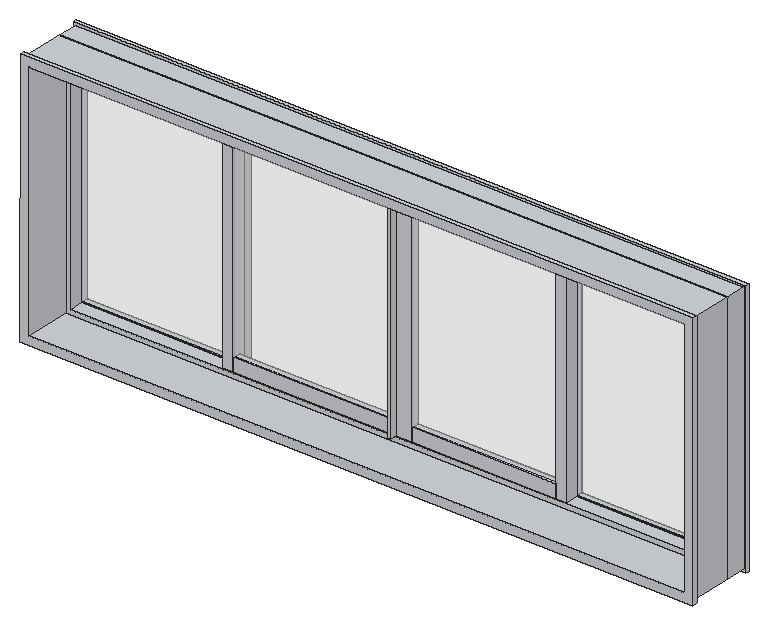
Revit family "APL Residential Thermal Heart Sliding Window FSSF", category Windows, host Wall, Revit 2017 (continued)
Definition of nested family "APL Residential Thermal Heart Sliding Window FSSF Vertical Section"
  Definition of nested family "Two Panel Sill"
    Definition of nested family "65380_Frame Sill"
      Lines and regions (mm)
        detail lines, in view "Ref. Level"
          curve 502: arc (13.593, 5.946, 0) -> (13.496, 5.987, 0) -> (13.393, 6, 0) r 0.4
          curve 503: arc (13.1, 6, 0) -> (12.817, 5.883, 0) -> (12.7, 5.6, 0) r 0.4
          curve 504: line (13.1, 1.8, 0) -> (13.393, 1.8, 0)
          curve 505: line (13.593, 1.854, 0) -> (15.121, 2.739, 0)
          curve 506: line (15.722, 2.9, 0) -> (16.645, 2.9, 0)
          curve 507: line (17.584, 3.558, 0) -> (18.377, 5.737, 0)
          curve 508: line (18.753, 6, 0) -> (21.447, 6, 0)
          curve 509: line (21.823, 5.737, 0) -> (22.616, 3.558, 0)
          curve 510: line (23.555, 2.9, 0) -> (24.478, 2.9, 0)
          curve 511: line (25.079, 2.739, 0) -> (26.607, 1.854, 0)
          curve 512: line (26.807, 1.8, 0) -> (27.1, 1.8, 0)
          curve 513: line (27.5, 2.2, 0) -> (27.5, 5.6, 0)
          curve 514: line (27.1, 6, 0) -> (26.807, 6, 0)
          curve 515: line (26.607, 5.946, 0) -> (25.079, 5.062, 0)
          curve 516: line (24.184, 5.098, 0) -> (23.296, 7.537, 0)
          curve 517: line (22.92, 7.8, 0) -> (17.28, 7.8, 0)
          curve 518: line (16.904, 7.537, 0) -> (16.016, 5.098, 0)
          curve 519: line (15.121, 5.062, 0) -> (13.593, 5.946, 0)
          curve 520: line (13.393, 6, 0) -> (13.1, 6, 0)
          curve 521: line (12.7, 5.6, 0) -> (12.7, 2.2, 0)
          curve 522: arc (12.7, 18.4, 0) -> (12.817, 18.117, 0) -> (13.1, 18, 0) r 0.4
          curve 523: arc (13.393, 18, 0) -> (13.496, 18.014, 0) -> (13.593, 18.054, 0) r 0.4
          curve 524: arc (15.121, 18.939, 0) -> (15.411, 19.059, 0) -> (15.722, 19.1, 0) r 1.2
          curve 525: arc (16.645, 19.1, 0) -> (17.218, 19.281, 0) -> (17.584, 19.758, 0) r 1
          curve 526: arc (18.377, 21.937, 0) -> (18.524, 22.128, 0) -> (18.753, 22.2, 0) r 0.4
          curve 527: arc (21.447, 22.2, 0) -> (21.676, 22.128, 0) -> (21.823, 21.937, 0) r 0.4
          curve 528: arc (22.616, 19.758, 0) -> (22.982, 19.281, 0) -> (23.555, 19.1, 0) r 1
          curve 529: arc (24.478, 19.1, 0) -> (24.789, 19.059, 0) -> (25.079, 18.939, 0) r 1.2
          curve 530: arc (26.607, 18.054, 0) -> (26.704, 18.014, 0) -> (26.807, 18, 0) r 0.4
          curve 531: arc (27.1, 18, 0) -> (27.383, 18.117, 0) -> (27.5, 18.4, 0) r 0.4
          curve 532: arc (27.5, 21.8, 0) -> (27.383, 22.083, 0) -> (27.1, 22.2, 0) r 0.4
          curve 533: arc (26.807, 22.2, 0) -> (26.704, 22.187, 0) -> (26.607, 22.146, 0) r 0.4
          curve 534: arc (25.079, 21.262, 0) -> (24.785, 21.14, 0) -> (24.47, 21.1, 0) r 1.2
          curve 535: arc (24.47, 21.1, 0) -> (24.295, 21.153, 0) -> (24.184, 21.298, 0) r 0.3
          curve 536: arc (23.296, 23.737, 0) -> (23.149, 23.928, 0) -> (22.92, 24, 0) r 0.4
          curve 537: arc (17.28, 24, 0) -> (17.051, 23.928, 0) -> (16.904, 23.737, 0) r 0.4
          curve 538: arc (16.016, 21.298, 0) -> (15.905, 21.153, 0) -> (15.73, 21.1, 0) r 0.3
          curve 539: arc (15.73, 21.1, 0) -> (15.415, 21.14, 0) -> (15.121, 21.262, 0) r 1.2
          curve 540: arc (13.593, 22.146, 0) -> (13.496, 22.187, 0) -> (13.393, 22.2, 0) r 0.4
          curve 541: arc (13.1, 22.2, 0) -> (12.817, 22.083, 0) -> (12.7, 21.8, 0) r 0.4
          curve 542: line (13.1, 18, 0) -> (13.393, 18, 0)
          curve 543: line (13.593, 18.054, 0) -> (15.121, 18.939, 0)
          curve 544: line (15.722, 19.1, 0) -> (16.645, 19.1, 0)
          curve 545: line (17.584, 19.758, 0) -> (18.377, 21.937, 0)
          curve 546: line (18.753, 22.2, 0) -> (21.447, 22.2, 0)
          curve 547: line (21.823, 21.937, 0) -> (22.616, 19.758, 0)
          curve 548: line (23.555, 19.1, 0) -> (24.478, 19.1, 0)
          curve 549: line (25.079, 18.939, 0) -> (26.607, 18.054, 0)
          curve 550: line (26.807, 18, 0) -> (27.1, 18, 0)
          curve 551: line (27.5, 18.4, 0) -> (27.5, 21.8, 0)
          curve 552: line (27.1, 22.2, 0) -> (26.807, 22.2, 0)
          curve 553: line (26.607, 22.146, 0) -> (25.079, 21.262, 0)
          curve 554: line (24.184, 21.298, 0) -> (23.296, 23.737, 0)
          curve 555: line (22.92, 24, 0) -> (17.28, 24, 0)
          curve 556: line (16.904, 23.737, 0) -> (16.016, 21.298, 0)
          curve 557: line (15.121, 21.262, 0) -> (13.593, 22.146, 0)
          curve 558: line (13.393, 22.2, 0) -> (13.1, 22.2, 0)
          curve 559: line (12.7, 21.8, 0) -> (12.7, 18.4, 0)
          curve 560: arc (70.2, 10.4, 0) -> (70.317, 10.117, 0) -> (70.6, 10, 0) r 0.4
          curve 561: arc (70.893, 10, 0) -> (70.996, 10.014, 0) -> (71.093, 10.054, 0) r 0.4
          curve 562: arc (72.621, 10.939, 0) -> (72.911, 11.059, 0) -> (73.222, 11.1, 0) r 1.2
          curve 563: arc (74.145, 11.1, 0) -> (74.718, 11.281, 0) -> (75.084, 11.758, 0) r 1
          curve 564: arc (75.877, 13.937, 0) -> (76.024, 14.128, 0) -> (76.253, 14.2, 0) r 0.4
          curve 565: arc (78.947, 14.2, 0) -> (79.176, 14.128, 0) -> (79.323, 13.937, 0) r 0.4
          curve 566: arc (80.116, 11.758, 0) -> (80.482, 11.281, 0) -> (81.055, 11.1, 0) r 1
          curve 567: arc (81.978, 11.1, 0) -> (82.289, 11.059, 0) -> (82.579, 10.939, 0) r 1.2
          curve 568: arc (84.107, 10.054, 0) -> (84.204, 10.014, 0) -> (84.307, 10, 0) r 0.4
          curve 569: arc (84.6, 10, 0) -> (84.883, 10.117, 0) -> (85, 10.4, 0) r 0.4
          curve 570: arc (85, 13.8, 0) -> (84.883, 14.083, 0) -> (84.6, 14.2, 0) r 0.4
          curve 571: arc (84.307, 14.2, 0) -> (84.204, 14.187, 0) -> (84.107, 14.146, 0) r 0.4
          curve 572: arc (82.579, 13.262, 0) -> (82.285, 13.14, 0) -> (81.97, 13.1, 0) r 1.2
          curve 573: arc (81.97, 13.1, 0) -> (81.795, 13.153, 0) -> (81.684, 13.298, 0) r 0.3
          curve 574: arc (80.796, 15.737, 0) -> (80.649, 15.928, 0) -> (80.42, 16, 0) r 0.4
          curve 575: arc (74.78, 16, 0) -> (74.551, 15.928, 0) -> (74.404, 15.737, 0) r 0.4
          curve 576: arc (73.516, 13.298, 0) -> (73.405, 13.153, 0) -> (73.23, 13.1, 0) r 0.3
          curve 577: arc (73.23, 13.1, 0) -> (72.915, 13.14, 0) -> (72.621, 13.262, 0) r 1.2
          curve 578: arc (71.093, 14.146, 0) -> (70.996, 14.187, 0) -> (70.893, 14.2, 0) r 0.4
          curve 579: arc (70.6, 14.2, 0) -> (70.317, 14.083, 0) -> (70.2, 13.8, 0) r 0.4
          curve 580: line (70.6, 10, 0) -> (70.893, 10, 0)
          curve 581: line (71.093, 10.054, 0) -> (72.621, 10.939, 0)
          curve 582: line (73.222, 11.1, 0) -> (74.145, 11.1, 0)
          curve 583: line (75.084, 11.758, 0) -> (75.877, 13.937, 0)
          curve 584: line (76.253, 14.2, 0) -> (78.947, 14.2, 0)
          curve 585: line (79.323, 13.937, 0) -> (80.116, 11.758, 0)
          curve 586: line (81.055, 11.1, 0) -> (81.978, 11.1, 0)
          curve 587: line (82.579, 10.939, 0) -> (84.107, 10.054, 0)
          curve 588: line (84.307, 10, 0) -> (84.6, 10, 0)
          curve 589: line (85, 10.4, 0) -> (85, 13.8, 0)
          curve 590: line (84.6, 14.2, 0) -> (84.307, 14.2, 0)
          curve 591: line (84.107, 14.146, 0) -> (82.579, 13.262, 0)
          curve 592: line (81.684, 13.298, 0) -> (80.796, 15.737, 0)
          curve 593: line (80.42, 16, 0) -> (74.78, 16, 0)
          curve 594: line (74.404, 15.737, 0) -> (73.516, 13.298, 0)
          curve 595: line (72.621, 13.262, 0) -> (71.093, 14.146, 0)
          curve 596: line (70.893, 14.2, 0) -> (70.6, 14.2, 0)
          curve 597: line (70.2, 13.8, 0) -> (70.2, 10.4, 0)
          curve 598: arc (70.2, 5.6, 0) -> (70.317, 5.883, 0) -> (70.6, 6, 0) r 0.4
          curve 599: arc (70.893, 6, 0) -> (70.996, 5.987, 0) -> (71.093, 5.946, 0) r 0.4
          curve 600: arc (72.621, 5.062, 0) -> (72.911, 4.941, 0) -> (73.222, 4.9, 0) r 1.2
          curve 601: arc (74.145, 4.9, 0) -> (74.718, 4.719, 0) -> (75.084, 4.242, 0) r 1
          curve 602: arc (75.877, 2.063, 0) -> (76.024, 1.873, 0) -> (76.253, 1.8, 0) r 0.4
          curve 603: arc (78.947, 1.8, 0) -> (79.176, 1.873, 0) -> (79.323, 2.063, 0) r 0.4
          curve 604: arc (80.116, 4.242, 0) -> (80.482, 4.719, 0) -> (81.055, 4.9, 0) r 1
          curve 605: arc (81.978, 4.9, 0) -> (82.289, 4.941, 0) -> (82.579, 5.062, 0) r 1.2
          curve 606: arc (84.107, 5.946, 0) -> (84.204, 5.987, 0) -> (84.307, 6, 0) r 0.4
          curve 607: arc (84.6, 6, 0) -> (84.883, 5.883, 0) -> (85, 5.6, 0) r 0.4
          curve 608: arc (85, 2.2, 0) -> (84.883, 1.917, 0) -> (84.6, 1.8, 0) r 0.4
          curve 609: arc (84.307, 1.8, 0) -> (84.204, 1.814, 0) -> (84.107, 1.854, 0) r 0.4
          curve 610: arc (82.579, 2.739, 0) -> (82.285, 2.86, 0) -> (81.97, 2.9, 0) r 1.2
          curve 611: arc (81.97, 2.9, 0) -> (81.795, 2.847, 0) -> (81.684, 2.703, 0) r 0.3
          curve 612: arc (80.796, 0.263, 0) -> (80.649, 0.073, 0) -> (80.42, 0, 0) r 0.4
          curve 613: arc (74.78, 0, 0) -> (74.551, 0.073, 0) -> (74.404, 0.263, 0) r 0.4
          curve 614: arc (73.516, 2.703, 0) -> (73.405, 2.847, 0) -> (73.23, 2.9, 0) r 0.3
          curve 615: arc (73.23, 2.9, 0) -> (72.915, 2.86, 0) -> (72.621, 2.739, 0) r 1.2
          curve 616: arc (71.093, 1.854, 0) -> (70.996, 1.814, 0) -> (70.893, 1.8, 0) r 0.4
          curve 617: arc (70.6, 1.8, 0) -> (70.317, 1.917, 0) -> (70.2, 2.2, 0) r 0.4
          curve 618: line (70.6, 6, 0) -> (70.893, 6, 0)
          curve 619: line (71.093, 5.946, 0) -> (72.621, 5.062, 0)
          curve 620: line (73.222, 4.9, 0) -> (74.145, 4.9, 0)
          curve 621: line (75.084, 4.242, 0) -> (75.877, 2.063, 0)
          curve 622: line (76.253, 1.8, 0) -> (78.947, 1.8, 0)
          curve 623: line (79.323, 2.063, 0) -> (80.116, 4.242, 0)
          curve 624: line (81.055, 4.9, 0) -> (81.978, 4.9, 0)
          curve 625: line (82.579, 5.062, 0) -> (84.107, 5.946, 0)
          curve 626: line (84.307, 6, 0) -> (84.6, 6, 0)
          curve 627: line (85, 5.6, 0) -> (85, 2.2, 0)
          curve 628: line (84.6, 1.8, 0) -> (84.307, 1.8, 0)
          curve 629: line (84.107, 1.854, 0) -> (82.579, 2.739, 0)
          curve 630: line (81.684, 2.703, 0) -> (80.796, 0.263, 0)
          curve 631: line (80.42, 0, 0) -> (74.78, 0, 0)
          curve 632: line (74.404, 0.263, 0) -> (73.516, 2.703, 0)
          curve 633: line (72.621, 2.739, 0) -> (71.093, 1.854, 0)
          curve 634: line (70.893, 1.8, 0) -> (70.6, 1.8, 0)
          curve 635: line (70.2, 2.2, 0) -> (70.2, 5.6, 0)
          curve 636: line (106.85, 34.861, 0) -> (112.6, 36.402, 0)
          curve 637: line (111.139, 36.01, 0) -> (106.85, 36.01, 0)
          curve 638: line (112.6, 36.85, 0) -> (106.85, 36.85, 0)
          curve 639: line (112.6, 37.69, 0) -> (106.85, 37.69, 0)
          curve 640: line (112.6, 38.61, 0) -> (106.85, 38.61, 0)
          curve 641: line (112.6, 39.45, 0) -> (106.85, 39.45, 0)
          curve 642: line (111.139, 40.29, 0) -> (106.85, 40.29, 0)
          curve 643: line (112.6, 39.899, 0) -> (106.85, 41.439, 0)
          curve 644: line (112.85, 34.7, 0) -> (112.85, 41.6, 0)
          curve 645: line (112.6, 41.6, 0) -> (112.6, 34.7, 0)
          curve 646: line (112.6, 34.7, 0) -> (113.1, 34.7, 0)
          curve 647: line (113.1, 34.7, 0) -> (113.1, 41.6, 0)
          curve 648: line (113.1, 41.6, 0) -> (112.6, 41.6, 0)
          curve 662: line (74.15, 34.861, 0) -> (68.4, 36.402, 0)
          curve 663: line (69.861, 36.01, 0) -> (74.15, 36.01, 0)
          curve 664: line (68.4, 36.85, 0) -> (74.15, 36.85, 0)
          curve 665: line (68.4, 37.69, 0) -> (74.15, 37.69, 0)
          curve 666: line (68.4, 38.61, 0) -> (74.15, 38.61, 0)
          curve 667: line (68.4, 39.45, 0) -> (74.15, 39.45, 0)
          curve 668: line (69.861, 40.29, 0) -> (74.15, 40.29, 0)
          curve 669: line (68.4, 39.899, 0) -> (74.15, 41.439, 0)
          curve 670: line (68.15, 34.7, 0) -> (68.15, 41.6, 0)
          curve 671: line (68.4, 41.6, 0) -> (68.4, 34.7, 0)
          curve 672: line (68.4, 34.7, 0) -> (67.9, 34.7, 0)
          curve 673: line (67.9, 34.7, 0) -> (67.9, 41.6, 0)
          curve 674: line (67.9, 41.6, 0) -> (68.4, 41.6, 0)
        detail lines, in view "Ref. Level", not visible
          curve 649: line (101.764, -41.439, 0) -> (107.514, -39.899, 0)
          curve 650: line (106.053, -40.29, 0) -> (101.764, -40.29, 0)
          curve 651: line (107.514, -39.45, 0) -> (101.764, -39.45, 0)
          curve 652: line (107.514, -38.61, 0) -> (101.764, -38.61, 0)
          curve 653: line (107.514, -37.69, 0) -> (101.764, -37.69, 0)
          curve 654: line (107.514, -36.85, 0) -> (101.764, -36.85, 0)
          curve 655: line (106.053, -36.01, 0) -> (101.764, -36.01, 0)
          curve 656: line (107.514, -36.401, 0) -> (101.764, -34.861, 0)
          curve 657: line (107.764, -41.6, 0) -> (107.764, -34.7, 0)
          curve 658: line (107.514, -34.7, 0) -> (107.514, -41.6, 0)
          curve 659: line (107.514, -41.6, 0) -> (108.014, -41.6, 0)
          curve 660: line (108.014, -41.6, 0) -> (108.014, -34.7, 0)
          curve 661: line (108.014, -34.7, 0) -> (107.514, -34.7, 0)
      Text (mm)
        text "65380" at (9.719, 46, 0), in view "Ref. Level"
    Definition of nested family "65460_Door Top And Window Rail"
      Reference planes
        plane 1 "Center (Front/Back)": y = 0
        plane 2: z = 0
        plane 3 "Center (Left/Right)": x = 0
      Lines and regions (mm)
        detail lines, in view "Ref. Level"
          curve 1: arc (20.155, 25.72, 0) -> (19.65, 25.078, 0) -> (19.29, 24.346, 0) r 3.9
          curve 2: arc (19.29, 24.346, 0) -> (19.067, 24.218, 0) -> (18.902, 24.415, 0) r 0.2
          curve 3: arc (18.902, 31.835, 0) -> (19.067, 32.032, 0) -> (19.29, 31.904, 0) r 0.2
          curve 4: arc (19.29, 31.904, 0) -> (19.65, 31.172, 0) -> (20.155, 30.53, 0) r 3.9
          curve 5: arc (20.155, 30.53, 0) -> (21.428, 30.513, 0) -> (21.445, 31.786, 0) r 0.9
          curve 6: arc (21.445, 31.786, 0) -> (20.85, 33.25, 0) -> (21.445, 34.715, 0) r 2.1
          curve 7: arc (21.445, 34.715, 0) -> (21.57, 34.877, 0) -> (21.656, 35.064, 0) r 0.9
          curve 8: arc (21.656, 35.064, 0) -> (21.753, 35.236, 0) -> (21.91, 35.358, 0) r 0.5
          curve 9: arc (21.91, 35.358, 0) -> (22.95, 35.6, 0) -> (23.99, 35.358, 0) r 2.35
          curve 10: arc (23.99, 35.358, 0) -> (24.147, 35.236, 0) -> (24.244, 35.064, 0) r 0.5
          curve 11: arc (24.244, 35.064, 0) -> (24.33, 34.877, 0) -> (24.455, 34.715, 0) r 0.9
          curve 12: arc (24.455, 34.715, 0) -> (25.05, 33.25, 0) -> (24.455, 31.786, 0) r 2.1
          curve 13: arc (24.455, 31.786, 0) -> (24.472, 30.513, 0) -> (25.745, 30.53, 0) r 0.9
          curve 14: arc (25.745, 30.53, 0) -> (26.799, 32.619, 0) -> (26.468, 34.934, 0) r 3.9
          curve 15: arc (26.468, 34.934, 0) -> (26.496, 35.417, 0) -> (26.919, 35.65, 0) r 0.5
          curve 16: arc (31.08, 35.65, 0) -> (31.402, 35.533, 0) -> (31.572, 35.236, 0) r 0.5
          curve 17: arc (31.572, 21.014, 0) -> (31.402, 20.717, 0) -> (31.08, 20.6, 0) r 0.5
          curve 18: arc (26.919, 20.6, 0) -> (26.496, 20.834, 0) -> (26.468, 21.316, 0) r 0.5
          curve 19: arc (26.468, 21.316, 0) -> (26.799, 23.631, 0) -> (25.745, 25.72, 0) r 3.9
          curve 20: arc (25.745, 25.72, 0) -> (24.472, 25.737, 0) -> (24.455, 24.464, 0) r 0.9
          curve 21: arc (24.455, 24.464, 0) -> (25.05, 23, 0) -> (24.455, 21.535, 0) r 2.1
          curve 22: arc (24.455, 21.535, 0) -> (24.33, 21.373, 0) -> (24.244, 21.186, 0) r 0.9
          curve 23: arc (24.244, 21.186, 0) -> (24.147, 21.014, 0) -> (23.99, 20.892, 0) r 0.5
          curve 24: arc (23.99, 20.892, 0) -> (22.95, 20.65, 0) -> (21.91, 20.892, 0) r 2.35
          curve 25: arc (21.91, 20.892, 0) -> (21.753, 21.014, 0) -> (21.656, 21.186, 0) r 0.5
          curve 26: arc (21.656, 21.186, 0) -> (21.57, 21.373, 0) -> (21.445, 21.535, 0) r 0.9
          curve 27: arc (21.445, 21.535, 0) -> (20.85, 23, 0) -> (21.445, 24.464, 0) r 2.1
          curve 28: arc (21.445, 24.464, 0) -> (21.428, 25.737, 0) -> (20.155, 25.72, 0) r 0.9
          curve 29: arc (17.002, 21.247, 0) -> (17.028, 21.125, 0) -> (17.102, 21.023, 0) r 0.3
          curve 30: arc (17.102, 21.023, 0) -> (17.182, 20.693, 0) -> (16.902, 20.5, 0) r 0.3
          curve 31: arc (14.681, 21.043, 0) -> (14.592, 21.095, 0) -> (14.54, 21.184, 0) r 0.2
          curve 32: arc (14.495, 21.352, 0) -> (14.354, 21.493, 0) -> (14.161, 21.441, 0) r 0.2
          curve 33: arc (13.797, 21.077, 0) -> (13.737, 20.992, 0) -> (13.71, 20.891, 0) r 0.3
          curve 34: arc (13.503, 18.526, 0) -> (13.619, 18.262, 0) -> (13.905, 18.218, 0) r 0.3
          curve 35: arc (15.315, 18.731, 0) -> (15.441, 18.819, 0) -> (15.507, 18.957, 0) r 0.3
          curve 36: arc (15.507, 18.957, 0) -> (15.78, 19.199, 0) -> (16.085, 19, 0) r 0.3
          curve 37: arc (31.1, 19, 0) -> (31.414, 18.904, 0) -> (31.601, 18.633, 0) r 0.5
          curve 38: arc (32.601, 3.535, 0) -> (32.523, 3.377, 0) -> (32.349, 3.342, 0) r 0.2
          curve 39: arc (31.453, 3.583, 0) -> (31.279, 3.548, 0) -> (31.201, 3.389, 0) r 0.2
          curve 40: arc (31.439, 1.205, 0) -> (31.508, 1.087, 0) -> (31.636, 1.04, 0) r 0.2
          curve 41: arc (32.901, 0.203, 0) -> (32.959, 0.06, 0) -> (33.101, 0, 0) r 0.2
          curve 42: arc (33.8, 0, 0) -> (33.941, 0.059, 0) -> (34, 0.2, 0) r 0.2
          curve 43: arc (34, 71.5, 0) -> (33.854, 71.854, 0) -> (33.5, 72, 0) r 0.5
          curve 44: arc (32.4, 72, 0) -> (32.259, 71.942, 0) -> (32.2, 71.8, 0) r 0.2
          curve 45: arc (32.2, 57.95, 0) -> (32.141, 57.809, 0) -> (32, 57.75, 0) r 0.2
          curve 46: arc (29.4, 57.75, 0) -> (29.259, 57.692, 0) -> (29.2, 57.55, 0) r 0.2
          curve 47: arc (29.2, 56.45, 0) -> (29.259, 56.309, 0) -> (29.4, 56.25, 0) r 0.2
          curve 48: arc (32, 56.25, 0) -> (32.141, 56.192, 0) -> (32.2, 56.05, 0) r 0.2
          curve 49: arc (32.2, 42.95, 0) -> (32.141, 42.809, 0) -> (32, 42.75, 0) r 0.2
          curve 50: arc (29.4, 42.75, 0) -> (29.259, 42.692, 0) -> (29.2, 42.55, 0) r 0.2
          curve 51: arc (29.2, 41.45, 0) -> (29.259, 41.309, 0) -> (29.4, 41.25, 0) r 0.2
          curve 52: arc (32, 41.25, 0) -> (32.141, 41.192, 0) -> (32.2, 41.05, 0) r 0.2
          curve 53: arc (31.601, 37.618, 0) -> (31.422, 37.352, 0) -> (31.119, 37.25, 0) r 0.5
          curve 54: arc (16.085, 37.25, 0) -> (15.78, 37.051, 0) -> (15.507, 37.293, 0) r 0.3
          curve 55: arc (15.507, 37.293, 0) -> (15.441, 37.431, 0) -> (15.315, 37.519, 0) r 0.3
          curve 56: arc (13.905, 38.032, 0) -> (13.619, 37.988, 0) -> (13.503, 37.724, 0) r 0.3
          curve 57: arc (13.71, 35.359, 0) -> (13.737, 35.258, 0) -> (13.797, 35.173, 0) r 0.3
          curve 58: arc (14.161, 34.809, 0) -> (14.354, 34.757, 0) -> (14.495, 34.898, 0) r 0.2
          curve 59: arc (14.54, 35.066, 0) -> (14.592, 35.155, 0) -> (14.681, 35.207, 0) r 0.2
          curve 60: arc (16.902, 35.75, 0) -> (17.182, 35.557, 0) -> (17.102, 35.227, 0) r 0.3
          curve 61: arc (17.102, 35.227, 0) -> (17.028, 35.125, 0) -> (17.002, 35.003, 0) r 0.3
          curve 62: arc (17.196, 31, 0) -> (17.16, 30.828, 0) -> (17.002, 30.75, 0) r 0.2
          curve 63: arc (16.482, 30.75, 0) -> (16.4, 30.761, 0) -> (16.325, 30.794, 0) r 0.3
          curve 64: arc (15.071, 31.559, 0) -> (15.074, 31.729, 0) -> (14.968, 31.861, 0) r 0.25
          curve 65: arc (14.882, 31.914, 0) -> (14.63, 31.918, 0) -> (14.502, 31.7, 0) r 0.25
          curve 66: arc (14.502, 29.554, 0) -> (14.528, 29.456, 0) -> (14.598, 29.383, 0) r 0.2
          curve 67: arc (16.379, 28.296, 0) -> (16.475, 28.125, 0) -> (16.379, 27.954, 0) r 0.2
          curve 68: arc (14.598, 26.867, 0) -> (14.528, 26.794, 0) -> (14.502, 26.696, 0) r 0.2
          curve 69: arc (14.502, 24.55, 0) -> (14.629, 24.332, 0) -> (14.882, 24.336, 0) r 0.25
          curve 70: arc (14.968, 24.388, 0) -> (15.074, 24.521, 0) -> (15.071, 24.691, 0) r 0.25
          curve 71: arc (16.325, 25.456, 0) -> (16.4, 25.489, 0) -> (16.481, 25.5, 0) r 0.3
          curve 72: line (18.902, 24.415, 0) -> (18.902, 31.835, 0)
          curve 73: line (26.919, 35.65, 0) -> (31.08, 35.65, 0)
          curve 74: line (31.572, 35.236, 0) -> (32.193, 31.693, 0)
          curve 75: line (32.2, 31.607, 0) -> (32.2, 24.643, 0)
          curve 76: line (32.193, 24.557, 0) -> (31.572, 21.014, 0)
          curve 77: line (31.08, 20.6, 0) -> (26.919, 20.6, 0)
          curve 78: line (17.196, 25.25, 0) -> (17.002, 24.5, 0)
          curve 79: line (17.002, 24.474, 0) -> (17.002, 21.247, 0)
          curve 80: line (16.67, 20.51, 0) -> (14.681, 21.043, 0)
          curve 81: line (14.54, 21.184, 0) -> (14.495, 21.352, 0)
          curve 82: line (14.161, 21.441, 0) -> (13.797, 21.077, 0)
          curve 83: line (13.71, 20.891, 0) -> (13.503, 18.526, 0)
          curve 84: line (13.905, 18.218, 0) -> (15.315, 18.731, 0)
          curve 85: line (16.085, 19, 0) -> (31.1, 19, 0)
          curve 86: line (31.601, 18.633, 0) -> (32.583, 15.065, 0)
          curve 87: line (32.601, 14.933, 0) -> (32.601, 3.535, 0)
          curve 88: line (32.349, 3.342, 0) -> (31.453, 3.583, 0)
          curve 89: line (31.201, 3.389, 0) -> (31.201, 2.558, 0)
          curve 90: line (31.201, 2.558, 0) -> (31.439, 1.205, 0)
          curve 91: line (31.636, 1.04, 0) -> (32.901, 1.04, 0)
          curve 92: line (32.901, 1.04, 0) -> (32.901, 0.203, 0)
          curve 93: line (33.101, 0, 0) -> (33.8, 0, 0)
          curve 94: line (34, 0.2, 0) -> (34, 71.5, 0)
          curve 95: line (33.5, 72, 0) -> (32.4, 72, 0)
          curve 96: line (32.2, 71.8, 0) -> (32.2, 57.95, 0)
          curve 97: line (32, 57.75, 0) -> (29.4, 57.75, 0)
          curve 98: line (29.2, 57.55, 0) -> (29.2, 56.45, 0)
          curve 99: line (29.4, 56.25, 0) -> (32, 56.25, 0)
          curve 100: line (32.2, 56.05, 0) -> (32.2, 42.95, 0)
          curve 101: line (32, 42.75, 0) -> (29.4, 42.75, 0)
          curve 102: line (29.2, 42.55, 0) -> (29.2, 41.45, 0)
          curve 103: line (29.4, 41.25, 0) -> (32, 41.25, 0)
          curve 104: line (32.2, 41.05, 0) -> (32.2, 39.861, 0)
          curve 105: line (32.182, 39.728, 0) -> (31.601, 37.618, 0)
          curve 106: line (31.119, 37.25, 0) -> (23.35, 37.25, 0)
          curve 107: line (23.35, 37.25, 0) -> (22.95, 36.85, 0)
          curve 108: line (22.95, 36.85, 0) -> (22.55, 37.25, 0)
          curve 109: line (22.55, 37.25, 0) -> (16.085, 37.25, 0)
          curve 110: line (15.315, 37.519, 0) -> (13.905, 38.032, 0)
          curve 111: line (13.503, 37.724, 0) -> (13.71, 35.359, 0)
          curve 112: line (13.797, 35.173, 0) -> (14.161, 34.809, 0)
          curve 113: line (14.495, 34.898, 0) -> (14.54, 35.066, 0)
          curve 114: line (14.681, 35.207, 0) -> (16.67, 35.74, 0)
          curve 115: line (17.002, 35.003, 0) -> (17.002, 31.776, 0)
          curve 116: line (17.002, 31.75, 0) -> (17.196, 31, 0)
          curve 117: line (17.002, 30.75, 0) -> (16.482, 30.75, 0)
          curve 118: line (16.325, 30.794, 0) -> (15.071, 31.559, 0)
          curve 119: line (14.502, 31.7, 0) -> (14.502, 29.554, 0)
          curve 120: line (14.598, 29.383, 0) -> (16.379, 28.296, 0)
          curve 121: line (16.379, 27.954, 0) -> (14.598, 26.867, 0)
          curve 122: line (14.502, 26.696, 0) -> (14.502, 24.55, 0)
          curve 123: line (15.071, 24.691, 0) -> (16.325, 25.456, 0)
          curve 124: line (16.481, 25.5, 0) -> (17.002, 25.5, 0)
          curve 125: arc (17.002, 25.5, 0) -> (17.16, 25.422, 0) -> (17.196, 25.25, 0) r 0.2
          curve 126: arc (2.202, 31.65, 0) -> (2.319, 31.367, 0) -> (2.602, 31.25, 0) r 0.4
          curve 127: arc (2.895, 31.25, 0) -> (2.998, 31.264, 0) -> (3.095, 31.304, 0) r 0.4
          curve 128: arc (4.623, 32.189, 0) -> (4.913, 32.309, 0) -> (5.224, 32.35, 0) r 1.2
          curve 129: arc (6.147, 32.35, 0) -> (6.72, 32.531, 0) -> (7.086, 33.008, 0) r 1
          curve 130: arc (7.879, 35.187, 0) -> (8.026, 35.378, 0) -> (8.255, 35.45, 0) r 0.4
          curve 131: arc (10.949, 35.45, 0) -> (11.178, 35.378, 0) -> (11.325, 35.187, 0) r 0.4
          curve 132: arc (12.118, 33.008, 0) -> (12.484, 32.531, 0) -> (13.057, 32.35, 0) r 1
          curve 133: arc (13.98, 32.35, 0) -> (14.291, 32.309, 0) -> (14.581, 32.189, 0) r 1.2
          curve 134: arc (16.109, 31.304, 0) -> (16.206, 31.264, 0) -> (16.309, 31.25, 0) r 0.4
          curve 135: arc (16.602, 31.25, 0) -> (16.885, 31.367, 0) -> (17.002, 31.65, 0) r 0.4
          curve 136: arc (17.002, 35.05, 0) -> (16.885, 35.333, 0) -> (16.602, 35.45, 0) r 0.4
          curve 137: arc (16.309, 35.45, 0) -> (16.206, 35.437, 0) -> (16.109, 35.396, 0) r 0.4
          curve 138: arc (14.581, 34.512, 0) -> (14.287, 34.39, 0) -> (13.972, 34.35, 0) r 1.2
          curve 139: arc (13.972, 34.35, 0) -> (13.797, 34.403, 0) -> (13.686, 34.548, 0) r 0.3
          curve 140: arc (12.798, 36.987, 0) -> (12.651, 37.178, 0) -> (12.422, 37.25, 0) r 0.4
          curve 141: arc (6.782, 37.25, 0) -> (6.553, 37.178, 0) -> (6.406, 36.987, 0) r 0.4
          curve 142: arc (5.518, 34.548, 0) -> (5.407, 34.403, 0) -> (5.232, 34.35, 0) r 0.3
          curve 143: arc (5.232, 34.35, 0) -> (4.917, 34.39, 0) -> (4.623, 34.512, 0) r 1.2
          curve 144: arc (3.095, 35.396, 0) -> (2.998, 35.437, 0) -> (2.895, 35.45, 0) r 0.4
          curve 145: arc (2.602, 35.45, 0) -> (2.319, 35.333, 0) -> (2.202, 35.05, 0) r 0.4
          curve 146: line (2.602, 31.25, 0) -> (2.895, 31.25, 0)
          curve 147: line (3.095, 31.304, 0) -> (4.623, 32.189, 0)
          curve 148: line (5.224, 32.35, 0) -> (6.147, 32.35, 0)
          curve 149: line (7.086, 33.008, 0) -> (7.879, 35.187, 0)
          curve 150: line (8.255, 35.45, 0) -> (10.949, 35.45, 0)
          curve 151: line (11.325, 35.187, 0) -> (12.118, 33.008, 0)
          curve 152: line (13.057, 32.35, 0) -> (13.98, 32.35, 0)
          curve 153: line (14.581, 32.189, 0) -> (16.109, 31.304, 0)
          curve 154: line (16.309, 31.25, 0) -> (16.602, 31.25, 0)
          curve 155: line (17.002, 31.65, 0) -> (17.002, 35.05, 0)
          curve 156: line (16.602, 35.45, 0) -> (16.309, 35.45, 0)
          curve 157: line (16.109, 35.396, 0) -> (14.581, 34.512, 0)
          curve 158: line (13.686, 34.548, 0) -> (12.798, 36.987, 0)
          curve 159: line (12.422, 37.25, 0) -> (6.782, 37.25, 0)
          curve 160: line (6.406, 36.987, 0) -> (5.518, 34.548, 0)
          curve 161: line (4.623, 34.512, 0) -> (3.095, 35.396, 0)
          curve 162: line (2.895, 35.45, 0) -> (2.602, 35.45, 0)
          curve 163: line (2.202, 35.05, 0) -> (2.202, 31.65, 0)
          curve 164: arc (2.202, 24.6, 0) -> (2.319, 24.883, 0) -> (2.602, 25, 0) r 0.4
          curve 165: arc (2.895, 25, 0) -> (2.998, 24.986, 0) -> (3.095, 24.946, 0) r 0.4
          curve 166: arc (4.623, 24.061, 0) -> (4.913, 23.941, 0) -> (5.224, 23.9, 0) r 1.2
          curve 167: arc (6.147, 23.9, 0) -> (6.72, 23.719, 0) -> (7.086, 23.242, 0) r 1
          curve 168: arc (7.879, 21.063, 0) -> (8.026, 20.872, 0) -> (8.255, 20.8, 0) r 0.4
          curve 169: arc (10.949, 20.8, 0) -> (11.178, 20.872, 0) -> (11.325, 21.063, 0) r 0.4
          curve 170: arc (12.118, 23.242, 0) -> (12.484, 23.719, 0) -> (13.057, 23.9, 0) r 1
          curve 171: arc (13.98, 23.9, 0) -> (14.291, 23.941, 0) -> (14.581, 24.061, 0) r 1.2
          curve 172: arc (16.109, 24.946, 0) -> (16.206, 24.986, 0) -> (16.309, 25, 0) r 0.4
          curve 173: arc (16.602, 25, 0) -> (16.885, 24.883, 0) -> (17.002, 24.6, 0) r 0.4
          curve 174: arc (17.002, 21.2, 0) -> (16.885, 20.917, 0) -> (16.602, 20.8, 0) r 0.4
          curve 175: arc (16.309, 20.8, 0) -> (16.206, 20.813, 0) -> (16.109, 20.854, 0) r 0.4
          curve 176: arc (14.581, 21.738, 0) -> (14.287, 21.86, 0) -> (13.972, 21.9, 0) r 1.2
          curve 177: arc (13.972, 21.9, 0) -> (13.797, 21.847, 0) -> (13.686, 21.702, 0) r 0.3
          curve 178: arc (12.798, 19.263, 0) -> (12.651, 19.072, 0) -> (12.422, 19, 0) r 0.4
          curve 179: arc (6.782, 19, 0) -> (6.553, 19.072, 0) -> (6.406, 19.263, 0) r 0.4
          curve 180: arc (5.518, 21.702, 0) -> (5.407, 21.847, 0) -> (5.232, 21.9, 0) r 0.3
          curve 181: arc (5.232, 21.9, 0) -> (4.917, 21.86, 0) -> (4.623, 21.738, 0) r 1.2
          curve 182: arc (3.095, 20.854, 0) -> (2.998, 20.813, 0) -> (2.895, 20.8, 0) r 0.4
          curve 183: arc (2.602, 20.8, 0) -> (2.319, 20.917, 0) -> (2.202, 21.2, 0) r 0.4
          curve 184: line (2.602, 25, 0) -> (2.895, 25, 0)
          curve 185: line (3.095, 24.946, 0) -> (4.623, 24.061, 0)
          curve 186: line (5.224, 23.9, 0) -> (6.147, 23.9, 0)
          curve 187: line (7.086, 23.242, 0) -> (7.879, 21.063, 0)
          curve 188: line (8.255, 20.8, 0) -> (10.949, 20.8, 0)
          curve 189: line (11.325, 21.063, 0) -> (12.118, 23.242, 0)
          curve 190: line (13.057, 23.9, 0) -> (13.98, 23.9, 0)
          curve 191: line (14.581, 24.061, 0) -> (16.109, 24.946, 0)
          curve 192: line (16.309, 25, 0) -> (16.602, 25, 0)
          curve 193: line (17.002, 24.6, 0) -> (17.002, 21.2, 0)
          curve 194: line (16.602, 20.8, 0) -> (16.309, 20.8, 0)
          curve 195: line (16.109, 20.854, 0) -> (14.581, 21.738, 0)
          curve 196: line (13.686, 21.702, 0) -> (12.798, 19.263, 0)
          curve 197: line (12.422, 19, 0) -> (6.782, 19, 0)
          curve 198: line (6.406, 19.263, 0) -> (5.518, 21.702, 0)
          curve 199: line (4.623, 21.738, 0) -> (3.095, 20.854, 0)
          curve 200: line (2.895, 20.8, 0) -> (2.602, 20.8, 0)
          curve 201: line (2.202, 21.2, 0) -> (2.202, 24.6, 0)
          curve 202: arc (2.402, 7.33, 0) -> (2.261, 7.271, 0) -> (2.202, 7.13, 0) r 0.2
          curve 203: arc (2.202, 6.53, 0) -> (2.143, 6.388, 0) -> (2.002, 6.33, 0) r 0.2
          curve 204: arc (1.6, 6.33, 0) -> (1.459, 6.388, 0) -> (1.4, 6.53, 0) r 0.2
          curve 205: arc (1.644, 18.06, 0) -> (1.956, 18.728, 0) -> (2.642, 19, 0) r 1
          curve 206: arc (3.119, 19, 0) -> (3.424, 19.199, 0) -> (3.697, 18.957, 0) r 0.3
          curve 207: arc (3.697, 18.957, 0) -> (3.763, 18.819, 0) -> (3.889, 18.731, 0) r 0.3
          curve 208: arc (5.299, 18.218, 0) -> (5.585, 18.262, 0) -> (5.701, 18.526, 0) r 0.3
          curve 209: arc (5.494, 20.891, 0) -> (5.467, 20.992, 0) -> (5.407, 21.077, 0) r 0.3
          curve 210: arc (5.043, 21.441, 0) -> (4.85, 21.493, 0) -> (4.709, 21.352, 0) r 0.2
          curve 211: arc (4.664, 21.184, 0) -> (4.612, 21.095, 0) -> (4.523, 21.043, 0) r 0.2
          curve 212: arc (2.302, 20.5, 0) -> (2.022, 20.693, 0) -> (2.102, 21.023, 0) r 0.3
          curve 213: arc (2.102, 21.023, 0) -> (2.176, 21.125, 0) -> (2.202, 21.247, 0) r 0.3
          curve 214: arc (2.008, 25.25, 0) -> (2.044, 25.422, 0) -> (2.202, 25.5, 0) r 0.2
          curve 215: arc (2.722, 25.5, 0) -> (2.804, 25.489, 0) -> (2.879, 25.456, 0) r 0.3
          curve 216: arc (4.133, 24.691, 0) -> (4.13, 24.521, 0) -> (4.236, 24.388, 0) r 0.25
          curve 217: arc (4.322, 24.336, 0) -> (4.574, 24.332, 0) -> (4.702, 24.55, 0) r 0.25
          curve 218: arc (4.702, 26.696, 0) -> (4.676, 26.794, 0) -> (4.606, 26.867, 0) r 0.2
          curve 219: arc (2.725, 28.015, 0) -> (2.629, 28.186, 0) -> (2.725, 28.357, 0) r 0.2
          curve 220: arc (4.606, 29.505, 0) -> (4.676, 29.578, 0) -> (4.702, 29.676, 0) r 0.2
          curve 221: arc (4.702, 31.7, 0) -> (4.575, 31.918, 0) -> (4.322, 31.914, 0) r 0.25
          curve 222: arc (4.236, 31.861, 0) -> (4.13, 31.729, 0) -> (4.133, 31.559, 0) r 0.25
          curve 223: arc (2.879, 30.794, 0) -> (2.804, 30.761, 0) -> (2.723, 30.75, 0) r 0.3
          curve 224: arc (2.202, 30.75, 0) -> (2.044, 30.828, 0) -> (2.008, 31, 0) r 0.2
          curve 225: arc (2.202, 35.003, 0) -> (2.176, 35.125, 0) -> (2.102, 35.227, 0) r 0.3
          curve 226: arc (2.102, 35.227, 0) -> (2.022, 35.557, 0) -> (2.302, 35.75, 0) r 0.3
          curve 227: arc (4.523, 35.207, 0) -> (4.612, 35.155, 0) -> (4.664, 35.066, 0) r 0.2
          curve 228: arc (4.709, 34.898, 0) -> (4.85, 34.757, 0) -> (5.043, 34.809, 0) r 0.2
          curve 229: arc (5.407, 35.173, 0) -> (5.467, 35.258, 0) -> (5.494, 35.359, 0) r 0.3
          curve 230: arc (5.701, 37.724, 0) -> (5.585, 37.988, 0) -> (5.299, 38.032, 0) r 0.3
          curve 231: arc (3.889, 37.519, 0) -> (3.763, 37.431, 0) -> (3.697, 37.293, 0) r 0.3
          curve 232: arc (3.697, 37.293, 0) -> (3.424, 37.051, 0) -> (3.119, 37.25, 0) r 0.3
          curve 233: arc (2.3, 37.25, 0) -> (1.946, 37.397, 0) -> (1.8, 37.75, 0) r 0.5
          curve 234: arc (1.8, 41.053, 0) -> (1.86, 41.193, 0) -> (2, 41.25, 0) r 0.2
          curve 235: arc (3, 41.25, 0) -> (3.141, 41.309, 0) -> (3.2, 41.45, 0) r 0.2
          curve 236: arc (3.2, 42.55, 0) -> (3.141, 42.692, 0) -> (3, 42.75, 0) r 0.2
          curve 237: arc (2, 42.75, 0) -> (1.86, 42.808, 0) -> (1.8, 42.947, 0) r 0.2
          curve 238: arc (1.8, 56.053, 0) -> (1.86, 56.193, 0) -> (2, 56.25, 0) r 0.2
          curve 239: arc (3, 56.25, 0) -> (3.141, 56.309, 0) -> (3.2, 56.45, 0) r 0.2
          curve 240: arc (3.2, 57.55, 0) -> (3.141, 57.692, 0) -> (3, 57.75, 0) r 0.2
          curve 241: arc (2, 57.75, 0) -> (1.86, 57.808, 0) -> (1.8, 57.947, 0) r 0.2
          curve 242: arc (1.8, 71.8, 0) -> (1.741, 71.942, 0) -> (1.6, 72, 0) r 0.2
          curve 243: arc (0.5, 72, 0) -> (0.146, 71.854, 0) -> (0, 71.5, 0) r 0.5
          curve 244: arc (0, 0.2, 0) -> (0.059, 0.058, 0) -> (0.2, 0, 0) r 0.2
          curve 245: arc (3.002, 0, 0) -> (3.143, 0.058, 0) -> (3.202, 0.2, 0) r 0.2
          curve 246: arc (3.202, 1.63, 0) -> (3.143, 1.771, 0) -> (3.002, 1.83, 0) r 0.2
          curve 247: arc (2.402, 1.83, 0) -> (2.261, 1.771, 0) -> (2.202, 1.63, 0) r 0.2
          curve 248: arc (2.202, 1.28, 0) -> (2.143, 1.138, 0) -> (2.002, 1.08, 0) r 0.2
          curve 249: arc (1.402, 1.08, 0) -> (1.261, 1.138, 0) -> (1.202, 1.28, 0) r 0.2
          curve 250: arc (1.202, 4.38, 0) -> (1.261, 4.521, 0) -> (1.402, 4.58, 0) r 0.2
          curve 251: arc (2.002, 4.58, 0) -> (2.143, 4.521, 0) -> (2.202, 4.38, 0) r 0.2
          curve 252: arc (2.202, 4.03, 0) -> (2.261, 3.888, 0) -> (2.402, 3.83, 0) r 0.2
          curve 253: arc (3.002, 3.83, 0) -> (3.143, 3.888, 0) -> (3.202, 4.03, 0) r 0.2
          curve 254: line (3.002, 7.33, 0) -> (2.402, 7.33, 0)
          curve 255: line (2.202, 7.13, 0) -> (2.202, 6.53, 0)
          curve 256: line (2.002, 6.33, 0) -> (1.6, 6.33, 0)
          curve 257: line (1.4, 6.53, 0) -> (1.4, 14, 0)
          curve 258: line (1.4, 14, 0) -> (1.644, 18.06, 0)
          curve 259: line (2.642, 19, 0) -> (3.119, 19, 0)
          curve 260: line (3.889, 18.731, 0) -> (5.299, 18.218, 0)
          curve 261: line (5.701, 18.526, 0) -> (5.494, 20.891, 0)
          curve 262: line (5.407, 21.077, 0) -> (5.043, 21.441, 0)
          curve 263: line (4.709, 21.352, 0) -> (4.664, 21.184, 0)
          curve 264: line (4.523, 21.043, 0) -> (2.534, 20.51, 0)
          curve 265: line (2.202, 21.247, 0) -> (2.202, 24.474, 0)
          curve 266: line (2.196, 24.524, 0) -> (2.008, 25.25, 0)
          curve 267: line (2.202, 25.5, 0) -> (2.722, 25.5, 0)
          curve 268: line (2.879, 25.456, 0) -> (4.133, 24.691, 0)
          curve 269: line (4.702, 24.55, 0) -> (4.702, 26.696, 0)
          curve 270: line (4.606, 26.867, 0) -> (2.725, 28.015, 0)
          curve 271: line (2.725, 28.357, 0) -> (4.606, 29.505, 0)
          curve 272: line (4.702, 29.676, 0) -> (4.702, 31.7, 0)
          curve 273: line (4.133, 31.559, 0) -> (2.879, 30.794, 0)
          curve 274: line (2.723, 30.75, 0) -> (2.202, 30.75, 0)
          curve 275: line (2.008, 31, 0) -> (2.196, 31.726, 0)
          curve 276: line (2.202, 31.776, 0) -> (2.202, 35.003, 0)
          curve 277: line (2.534, 35.74, 0) -> (4.523, 35.207, 0)
          curve 278: line (4.664, 35.066, 0) -> (4.709, 34.898, 0)
          curve 279: line (5.043, 34.809, 0) -> (5.407, 35.173, 0)
          curve 280: line (5.494, 35.359, 0) -> (5.701, 37.724, 0)
          curve 281: line (5.299, 38.032, 0) -> (3.889, 37.519, 0)
          curve 282: line (3.119, 37.25, 0) -> (2.3, 37.25, 0)
          curve 283: line (1.8, 37.75, 0) -> (1.8, 41.053, 0)
          curve 284: line (2, 41.25, 0) -> (3, 41.25, 0)
          curve 285: line (3.2, 41.45, 0) -> (3.2, 42.55, 0)
          curve 286: line (3, 42.75, 0) -> (2, 42.75, 0)
          curve 287: line (1.8, 42.947, 0) -> (1.8, 56.053, 0)
          curve 288: line (2, 56.25, 0) -> (3, 56.25, 0)
          curve 289: line (3.2, 56.45, 0) -> (3.2, 57.55, 0)
          curve 290: line (3, 57.75, 0) -> (2, 57.75, 0)
          curve 291: line (1.8, 57.947, 0) -> (1.8, 71.8, 0)
          curve 292: line (1.6, 72, 0) -> (0.5, 72, 0)
          curve 293: line (0, 71.5, 0) -> (0, 0.2, 0)
          curve 294: line (0.2, 0, 0) -> (3.002, 0, 0)
          curve 295: line (3.202, 0.2, 0) -> (3.202, 1.63, 0)
          curve 296: line (3.002, 1.83, 0) -> (2.402, 1.83, 0)
          curve 297: line (2.202, 1.63, 0) -> (2.202, 1.28, 0)
          curve 298: line (2.002, 1.08, 0) -> (1.402, 1.08, 0)
          curve 299: line (1.202, 1.28, 0) -> (1.202, 4.38, 0)
          curve 300: line (1.402, 4.58, 0) -> (2.002, 4.58, 0)
          curve 301: line (2.202, 4.38, 0) -> (2.202, 4.03, 0)
          curve 302: line (2.402, 3.83, 0) -> (3.002, 3.83, 0)
          curve 303: line (3.202, 4.03, 0) -> (3.202, 7.13, 0)
          curve 304: arc (3.202, 7.13, 0) -> (3.143, 7.271, 0) -> (3.002, 7.33, 0) r 0.2
      Text (mm)
        text "65460" at (7.711, 85.3, 0), in view "Ref. Level"
  Definition of nested family "Two Panel Head"
    Parameters (values of type "Two Panel Head")
      Threshold = yes
      Seal = yes
    Reference planes
      plane 1 "Center (Front/Back)": y = 0
      plane 2: z = 0
      plane 3 "Center (Left/Right)": x = 0
    Lines and regions (mm)
      detail lines, in view "Ref. Level", visible <- "Seal"
        curve 1: arc (40.782, -34.147, 0) -> (40.472, -34.007, 0) -> (40.309, -34.306, 0) r 0.25
        curve 2: arc (40.336, -44.194, 0) -> (40.498, -44.493, 0) -> (40.808, -44.353, 0) r 0.25
        curve 3: line (40.309, -34.306, 0) -> (41.303, -38.173, 0)
        curve 4: line (41.303, -38.173, 0) -> (40.3, -38.753, 0)
        curve 5: line (40.3, -38.753, 0) -> (40.3, -39.753, 0)
        curve 6: line (40.3, -39.753, 0) -> (41.325, -40.344, 0)
        curve 7: line (41.325, -40.344, 0) -> (40.336, -44.194, 0)
        curve 8: line (40.808, -44.353, 0) -> (42.532, -40.253, 0)
        curve 9: line (42.532, -40.253, 0) -> (43.8, -40.253, 0)
        curve 10: line (43.8, -40.253, 0) -> (43.8, -41.503, 0)
        curve 11: line (43.8, -41.503, 0) -> (44.8, -41.503, 0)
        curve 12: line (44.8, -41.503, 0) -> (44.8, -37.003, 0)
        curve 13: line (44.8, -37.003, 0) -> (43.8, -37.003, 0)
        curve 14: line (43.8, -37.003, 0) -> (43.8, -38.253, 0)
        curve 15: line (43.8, -38.253, 0) -> (42.508, -38.253, 0)
        curve 16: line (42.508, -38.253, 0) -> (40.782, -34.147, 0)
      detail lines, in view "Ref. Level", visible <- "Seal", not visible
        curve 17: arc (40.782, -34.147, 0) -> (40.472, -34.007, 0) -> (40.309, -34.306, 0) r 0.25
        curve 18: arc (40.336, -44.194, 0) -> (40.498, -44.493, 0) -> (40.808, -44.353, 0) r 0.25
        curve 19: line (40.309, -34.306, 0) -> (41.303, -38.173, 0)
        curve 20: line (41.303, -38.173, 0) -> (40.3, -38.753, 0)
        curve 21: line (40.3, -38.753, 0) -> (40.3, -39.753, 0)
        curve 22: line (40.3, -39.753, 0) -> (41.325, -40.344, 0)
        curve 23: line (41.325, -40.344, 0) -> (40.336, -44.194, 0)
        curve 24: line (40.808, -44.353, 0) -> (42.532, -40.253, 0)
        curve 25: line (42.532, -40.253, 0) -> (43.8, -40.253, 0)
        curve 26: line (43.8, -40.253, 0) -> (43.8, -41.503, 0)
        curve 27: line (43.8, -41.503, 0) -> (44.8, -41.503, 0)
        curve 28: line (44.8, -41.503, 0) -> (44.8, -37.003, 0)
        curve 29: line (44.8, -37.003, 0) -> (43.8, -37.003, 0)
        curve 30: line (43.8, -37.003, 0) -> (43.8, -38.253, 0)
        curve 31: line (43.8, -38.253, 0) -> (42.508, -38.253, 0)
        curve 32: line (42.508, -38.253, 0) -> (40.782, -34.147, 0)
      detail lines, in view "Ref. Level"
        curve 33: arc (0.123, -25.385, 0) -> (0.034, -25.312, 0) -> (0, -25.2, 0) r 0.2
        curve 34: arc (0, -24.2, 0) -> (0.059, -24.059, 0) -> (0.2, -24, 0) r 0.2
        curve 35: arc (1.987, -23.527, 0) -> (2.044, -23.412, 0) -> (2.019, -23.285, 0) r 0.2
        curve 36: arc (1.788, -22.888, 0) -> (1.916, -22.409, 0) -> (2.394, -22.537, 0) r 0.35
        curve 37: arc (2.779, -23.203, 0) -> (2.842, -23.516, 0) -> (2.701, -23.803, 0) r 0.497
        curve 38: arc (2.033, -24.47, 0) -> (1.979, -24.65, 0) -> (2.098, -24.796, 0) r 0.2
        curve 39: arc (41.094, -40.949, 0) -> (41.282, -40.93, 0) -> (41.37, -40.764, 0) r 0.2
        curve 40: arc (41.37, -36.481, 0) -> (41.586, -35.578, 0) -> (42.188, -34.869, 0) r 2
        curve 41: arc (42.188, -34.869, 0) -> (43.515, -32.691, 0) -> (42.924, -30.21, 0) r 3.35
        curve 42: arc (42.924, -30.21, 0) -> (43.038, -29.512, 0) -> (43.736, -29.625, 0) r 0.5
        curve 43: arc (43.736, -29.625, 0) -> (44.503, -32.847, 0) -> (42.779, -35.675, 0) r 4.35
        curve 44: arc (42.779, -35.675, 0) -> (42.478, -36.03, 0) -> (42.37, -36.481, 0) r 1
        curve 45: arc (42.37, -42.585, 0) -> (42.282, -42.751, 0) -> (42.094, -42.77, 0) r 0.2
        curve 46: line (0, -25.2, 0) -> (0, -24.2, 0)
        curve 47: line (0.2, -24, 0) -> (1.431, -24, 0)
        curve 48: line (1.573, -23.941, 0) -> (1.987, -23.527, 0)
        curve 49: line (2.019, -23.285, 0) -> (1.788, -22.888, 0)
        curve 50: line (2.394, -22.537, 0) -> (2.779, -23.203, 0)
        curve 51: line (2.701, -23.803, 0) -> (2.033, -24.47, 0)
        curve 52: line (2.098, -24.796, 0) -> (41.094, -40.949, 0)
        curve 53: line (41.37, -40.764, 0) -> (41.37, -36.481, 0)
        curve 54: line (42.37, -36.481, 0) -> (42.37, -42.585, 0)
        curve 55: line (42.094, -42.77, 0) -> (0.123, -25.385, 0)
    Dimensions and locks
      nested 1 to nested 2 = 3 mm
    Nested families
      nested 1: "65460_Door Top And Window Rail" at (73.5, -105, 0), type "65460_Door Top And Window Rail", in view "Ref. Level"
      nested 2: "65400_Frame Head" at (0, 0, 0), type "65400_Frame Head", in view "Ref. Level"
    Definition of nested family "65460_Door Top And Window Rail"
      Reference planes
        plane 1 "Center (Front/Back)": y = 0
        plane 2: z = 0
        plane 3 "Center (Left/Right)": x = 0
      Lines and regions (mm)
        detail lines, in view "Ref. Level"
          curve 1: arc (20.155, 25.72, 0) -> (19.65, 25.078, 0) -> (19.29, 24.346, 0) r 3.9
          curve 2: arc (19.29, 24.346, 0) -> (19.067, 24.218, 0) -> (18.902, 24.415, 0) r 0.2
          curve 3: arc (18.902, 31.835, 0) -> (19.067, 32.032, 0) -> (19.29, 31.904, 0) r 0.2
          curve 4: arc (19.29, 31.904, 0) -> (19.65, 31.172, 0) -> (20.155, 30.53, 0) r 3.9
          curve 5: arc (20.155, 30.53, 0) -> (21.428, 30.513, 0) -> (21.445, 31.786, 0) r 0.9
          curve 6: arc (21.445, 31.786, 0) -> (20.85, 33.25, 0) -> (21.445, 34.715, 0) r 2.1
          curve 7: arc (21.445, 34.715, 0) -> (21.57, 34.877, 0) -> (21.656, 35.064, 0) r 0.9
          curve 8: arc (21.656, 35.064, 0) -> (21.753, 35.236, 0) -> (21.91, 35.358, 0) r 0.5
          curve 9: arc (21.91, 35.358, 0) -> (22.95, 35.6, 0) -> (23.99, 35.358, 0) r 2.35
          curve 10: arc (23.99, 35.358, 0) -> (24.147, 35.236, 0) -> (24.244, 35.064, 0) r 0.5
          curve 11: arc (24.244, 35.064, 0) -> (24.33, 34.877, 0) -> (24.455, 34.715, 0) r 0.9
          curve 12: arc (24.455, 34.715, 0) -> (25.05, 33.25, 0) -> (24.455, 31.786, 0) r 2.1
          curve 13: arc (24.455, 31.786, 0) -> (24.472, 30.513, 0) -> (25.745, 30.53, 0) r 0.9
          curve 14: arc (25.745, 30.53, 0) -> (26.799, 32.619, 0) -> (26.468, 34.934, 0) r 3.9
          curve 15: arc (26.468, 34.934, 0) -> (26.496, 35.417, 0) -> (26.919, 35.65, 0) r 0.5
          curve 16: arc (31.08, 35.65, 0) -> (31.402, 35.533, 0) -> (31.572, 35.236, 0) r 0.5
          curve 17: arc (31.572, 21.014, 0) -> (31.402, 20.717, 0) -> (31.08, 20.6, 0) r 0.5
          curve 18: arc (26.919, 20.6, 0) -> (26.496, 20.834, 0) -> (26.468, 21.316, 0) r 0.5
          curve 19: arc (26.468, 21.316, 0) -> (26.799, 23.631, 0) -> (25.745, 25.72, 0) r 3.9
          curve 20: arc (25.745, 25.72, 0) -> (24.472, 25.737, 0) -> (24.455, 24.464, 0) r 0.9
          curve 21: arc (24.455, 24.464, 0) -> (25.05, 23, 0) -> (24.455, 21.535, 0) r 2.1
          curve 22: arc (24.455, 21.535, 0) -> (24.33, 21.373, 0) -> (24.244, 21.186, 0) r 0.9
          curve 23: arc (24.244, 21.186, 0) -> (24.147, 21.014, 0) -> (23.99, 20.892, 0) r 0.5
          curve 24: arc (23.99, 20.892, 0) -> (22.95, 20.65, 0) -> (21.91, 20.892, 0) r 2.35
          curve 25: arc (21.91, 20.892, 0) -> (21.753, 21.014, 0) -> (21.656, 21.186, 0) r 0.5
          curve 26: arc (21.656, 21.186, 0) -> (21.57, 21.373, 0) -> (21.445, 21.535, 0) r 0.9
          curve 27: arc (21.445, 21.535, 0) -> (20.85, 23, 0) -> (21.445, 24.464, 0) r 2.1
          curve 28: arc (21.445, 24.464, 0) -> (21.428, 25.737, 0) -> (20.155, 25.72, 0) r 0.9
          curve 29: arc (17.002, 21.247, 0) -> (17.028, 21.125, 0) -> (17.102, 21.023, 0) r 0.3
          curve 30: arc (17.102, 21.023, 0) -> (17.182, 20.693, 0) -> (16.902, 20.5, 0) r 0.3
          curve 31: arc (14.681, 21.043, 0) -> (14.592, 21.095, 0) -> (14.54, 21.184, 0) r 0.2
          curve 32: arc (14.495, 21.352, 0) -> (14.354, 21.493, 0) -> (14.161, 21.441, 0) r 0.2
          curve 33: arc (13.797, 21.077, 0) -> (13.737, 20.992, 0) -> (13.71, 20.891, 0) r 0.3
          curve 34: arc (13.503, 18.526, 0) -> (13.619, 18.262, 0) -> (13.905, 18.218, 0) r 0.3
          curve 35: arc (15.315, 18.731, 0) -> (15.441, 18.819, 0) -> (15.507, 18.957, 0) r 0.3
          curve 36: arc (15.507, 18.957, 0) -> (15.78, 19.199, 0) -> (16.085, 19, 0) r 0.3
          curve 37: arc (31.1, 19, 0) -> (31.414, 18.904, 0) -> (31.601, 18.633, 0) r 0.5
          curve 38: arc (32.601, 3.535, 0) -> (32.523, 3.377, 0) -> (32.349, 3.342, 0) r 0.2
          curve 39: arc (31.453, 3.583, 0) -> (31.279, 3.548, 0) -> (31.201, 3.389, 0) r 0.2
          curve 40: arc (31.439, 1.205, 0) -> (31.508, 1.087, 0) -> (31.636, 1.04, 0) r 0.2
          curve 41: arc (32.901, 0.203, 0) -> (32.959, 0.06, 0) -> (33.101, 0, 0) r 0.2
          curve 42: arc (33.8, 0, 0) -> (33.941, 0.059, 0) -> (34, 0.2, 0) r 0.2
          curve 43: arc (34, 71.5, 0) -> (33.854, 71.854, 0) -> (33.5, 72, 0) r 0.5
          curve 44: arc (32.4, 72, 0) -> (32.259, 71.942, 0) -> (32.2, 71.8, 0) r 0.2
          curve 45: arc (32.2, 57.95, 0) -> (32.141, 57.809, 0) -> (32, 57.75, 0) r 0.2
          curve 46: arc (29.4, 57.75, 0) -> (29.259, 57.692, 0) -> (29.2, 57.55, 0) r 0.2
          curve 47: arc (29.2, 56.45, 0) -> (29.259, 56.309, 0) -> (29.4, 56.25, 0) r 0.2
          curve 48: arc (32, 56.25, 0) -> (32.141, 56.192, 0) -> (32.2, 56.05, 0) r 0.2
          curve 49: arc (32.2, 42.95, 0) -> (32.141, 42.809, 0) -> (32, 42.75, 0) r 0.2
          curve 50: arc (29.4, 42.75, 0) -> (29.259, 42.692, 0) -> (29.2, 42.55, 0) r 0.2
          curve 51: arc (29.2, 41.45, 0) -> (29.259, 41.309, 0) -> (29.4, 41.25, 0) r 0.2
          curve 52: arc (32, 41.25, 0) -> (32.141, 41.192, 0) -> (32.2, 41.05, 0) r 0.2
          curve 53: arc (31.601, 37.618, 0) -> (31.422, 37.352, 0) -> (31.119, 37.25, 0) r 0.5
          curve 54: arc (16.085, 37.25, 0) -> (15.78, 37.051, 0) -> (15.507, 37.293, 0) r 0.3
          curve 55: arc (15.507, 37.293, 0) -> (15.441, 37.431, 0) -> (15.315, 37.519, 0) r 0.3
          curve 56: arc (13.905, 38.032, 0) -> (13.619, 37.988, 0) -> (13.503, 37.724, 0) r 0.3
          curve 57: arc (13.71, 35.359, 0) -> (13.737, 35.258, 0) -> (13.797, 35.173, 0) r 0.3
          curve 58: arc (14.161, 34.809, 0) -> (14.354, 34.757, 0) -> (14.495, 34.898, 0) r 0.2
          curve 59: arc (14.54, 35.066, 0) -> (14.592, 35.155, 0) -> (14.681, 35.207, 0) r 0.2
          curve 60: arc (16.902, 35.75, 0) -> (17.182, 35.557, 0) -> (17.102, 35.227, 0) r 0.3
          curve 61: arc (17.102, 35.227, 0) -> (17.028, 35.125, 0) -> (17.002, 35.003, 0) r 0.3
          curve 62: arc (17.196, 31, 0) -> (17.16, 30.828, 0) -> (17.002, 30.75, 0) r 0.2
          curve 63: arc (16.482, 30.75, 0) -> (16.4, 30.761, 0) -> (16.325, 30.794, 0) r 0.3
          curve 64: arc (15.071, 31.559, 0) -> (15.074, 31.729, 0) -> (14.968, 31.861, 0) r 0.25
          curve 65: arc (14.882, 31.914, 0) -> (14.63, 31.918, 0) -> (14.502, 31.7, 0) r 0.25
          curve 66: arc (14.502, 29.554, 0) -> (14.528, 29.456, 0) -> (14.598, 29.383, 0) r 0.2
          curve 67: arc (16.379, 28.296, 0) -> (16.475, 28.125, 0) -> (16.379, 27.954, 0) r 0.2
          curve 68: arc (14.598, 26.867, 0) -> (14.528, 26.794, 0) -> (14.502, 26.696, 0) r 0.2
          curve 69: arc (14.502, 24.55, 0) -> (14.629, 24.332, 0) -> (14.882, 24.336, 0) r 0.25
          curve 70: arc (14.968, 24.388, 0) -> (15.074, 24.521, 0) -> (15.071, 24.691, 0) r 0.25
          curve 71: arc (16.325, 25.456, 0) -> (16.4, 25.489, 0) -> (16.481, 25.5, 0) r 0.3
          curve 72: line (18.902, 24.415, 0) -> (18.902, 31.835, 0)
          curve 73: line (26.919, 35.65, 0) -> (31.08, 35.65, 0)
          curve 74: line (31.572, 35.236, 0) -> (32.193, 31.693, 0)
          curve 75: line (32.2, 31.607, 0) -> (32.2, 24.643, 0)
          curve 76: line (32.193, 24.557, 0) -> (31.572, 21.014, 0)
          curve 77: line (31.08, 20.6, 0) -> (26.919, 20.6, 0)
          curve 78: line (17.196, 25.25, 0) -> (17.002, 24.5, 0)
          curve 79: line (17.002, 24.474, 0) -> (17.002, 21.247, 0)
          curve 80: line (16.67, 20.51, 0) -> (14.681, 21.043, 0)
          curve 81: line (14.54, 21.184, 0) -> (14.495, 21.352, 0)
          curve 82: line (14.161, 21.441, 0) -> (13.797, 21.077, 0)
          curve 83: line (13.71, 20.891, 0) -> (13.503, 18.526, 0)
          curve 84: line (13.905, 18.218, 0) -> (15.315, 18.731, 0)
          curve 85: line (16.085, 19, 0) -> (31.1, 19, 0)
          curve 86: line (31.601, 18.633, 0) -> (32.583, 15.065, 0)
          curve 87: line (32.601, 14.933, 0) -> (32.601, 3.535, 0)
          curve 88: line (32.349, 3.342, 0) -> (31.453, 3.583, 0)
          curve 89: line (31.201, 3.389, 0) -> (31.201, 2.558, 0)
          curve 90: line (31.201, 2.558, 0) -> (31.439, 1.205, 0)
          curve 91: line (31.636, 1.04, 0) -> (32.901, 1.04, 0)
          curve 92: line (32.901, 1.04, 0) -> (32.901, 0.203, 0)
          curve 93: line (33.101, 0, 0) -> (33.8, 0, 0)
          curve 94: line (34, 0.2, 0) -> (34, 71.5, 0)
          curve 95: line (33.5, 72, 0) -> (32.4, 72, 0)
          curve 96: line (32.2, 71.8, 0) -> (32.2, 57.95, 0)
          curve 97: line (32, 57.75, 0) -> (29.4, 57.75, 0)
          curve 98: line (29.2, 57.55, 0) -> (29.2, 56.45, 0)
          curve 99: line (29.4, 56.25, 0) -> (32, 56.25, 0)
          curve 100: line (32.2, 56.05, 0) -> (32.2, 42.95, 0)
          curve 101: line (32, 42.75, 0) -> (29.4, 42.75, 0)
          curve 102: line (29.2, 42.55, 0) -> (29.2, 41.45, 0)
          curve 103: line (29.4, 41.25, 0) -> (32, 41.25, 0)
          curve 104: line (32.2, 41.05, 0) -> (32.2, 39.861, 0)
          curve 105: line (32.182, 39.728, 0) -> (31.601, 37.618, 0)
          curve 106: line (31.119, 37.25, 0) -> (23.35, 37.25, 0)
          curve 107: line (23.35, 37.25, 0) -> (22.95, 36.85, 0)
          curve 108: line (22.95, 36.85, 0) -> (22.55, 37.25, 0)
          curve 109: line (22.55, 37.25, 0) -> (16.085, 37.25, 0)
          curve 110: line (15.315, 37.519, 0) -> (13.905, 38.032, 0)
          curve 111: line (13.503, 37.724, 0) -> (13.71, 35.359, 0)
          curve 112: line (13.797, 35.173, 0) -> (14.161, 34.809, 0)
          curve 113: line (14.495, 34.898, 0) -> (14.54, 35.066, 0)
          curve 114: line (14.681, 35.207, 0) -> (16.67, 35.74, 0)
          curve 115: line (17.002, 35.003, 0) -> (17.002, 31.776, 0)
          curve 116: line (17.002, 31.75, 0) -> (17.196, 31, 0)
          curve 117: line (17.002, 30.75, 0) -> (16.482, 30.75, 0)
          curve 118: line (16.325, 30.794, 0) -> (15.071, 31.559, 0)
          curve 119: line (14.502, 31.7, 0) -> (14.502, 29.554, 0)
          curve 120: line (14.598, 29.383, 0) -> (16.379, 28.296, 0)
          curve 121: line (16.379, 27.954, 0) -> (14.598, 26.867, 0)
          curve 122: line (14.502, 26.696, 0) -> (14.502, 24.55, 0)
          curve 123: line (15.071, 24.691, 0) -> (16.325, 25.456, 0)
